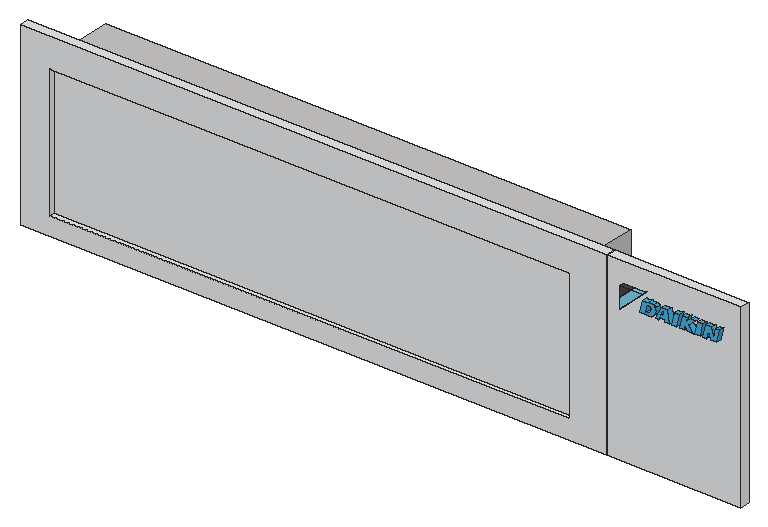
Revit family "outputfile", category 制気口, Revit 2024
Family settings
  丸型コネクタ寸法 = 直径を使用
  パーツ タイプ = 標準
  OmniClass 番号 = 23.75.70.21.27.11
  OmniClass タイトル = Diffusers, Registers, and Grilles
  作業面ベース = いいえ
  常に垂直 = はい
  ロード時にボイドで切り取り = いいえ
  注釈の向きを維持 = いいえ
  共有 = いいえ
  部屋計算ポイント = いいえ
Parameters (values of type "FPDAQ32APVM")
  Description = ""
  製造元 = "Daikin"
  書き出し IFC クラス(タイプ) = "IfcAirTerminalType"
  Default Elevation = 0 mm
  定義済み IFC タイプ(タイプ) = "GRILLE"
  Cost = 0
  モデル = "FPDAQ32APVM"
  Type Comments = ""
  Keynote = ""
  Type Image = (empty or 0)
  Assembly Code = ""
  Width = 722 mm
  Version = "ver.1.0"
  Unit Type = "3D Air Flow Ceiling Mounted Duct Type"
  Unit Designation [instance] = ""
  Uniclass2015Version = "Products v1.35"
  Uniclass2015Title = "Air grilles"
  Uniclass2015Code = "Pr_70_65_04_03"
  URL = ""
  Series = "VRV Fan Coil Unit"
  SA Duct Size Width = 456 mm
  SA Duct Size Height = 141 mm
  Material_Grille = DAIKIN_FreshWhite_Panel_indoorunit
  IfcVersion = ""
  IfcExportType = "GRILLE"
  IfcExportAs = "IfcAirTerminalType"
  Height = 180 mm
  FCU Tag No. [instance] = ""
  Design Supply Airflow [instance] = 0.00 m³/h
  Depth = 70 mm
Reference planes
  plane 1 "Center (Front/Back)": y = 0
  plane 2: z = 90
  plane 3 "Center (Left/Right)": x = 10
  plane 4: x = 371
  plane 5: x = 237
  plane 6: x = -351
  plane 7: z = -90
  plane 8: z = -90
  plane 9: z = -75
  plane 10: x = 304
  plane 11: x = -321
  plane 12 "Center (Elevation)": z = 0
  plane 13: y = -10
  plane 14: y = -5
  plane 15: y = 60
  plane 16: z = 70.5
  plane 17: x = 205
  plane 18: z = 60
  plane 19: z = -23
  plane 20: z = -70.5
  plane 21: x = 308.5
  plane 22: x = 268
  plane 23: x = -58
Forms (mm)
  Extrusion 1, solid, material "DAIKIN_FreshWhite_Panel_indoorunit" <- "Material_Grille"
    sketch origin (10, 0, 0) x (0, 1, 0) y (0, 0, 1)
      loop
        line (0, 90) -> (-10, 90) -> (-10, -90) -> (0, -90) -> (0, 90)
    from 227 to 361
  Extrusion 2, solid, material "DAIKIN_FreshWhite_Panel_indoorunit" <- "Material_Grille"
    sketch origin (10, 0, 0) x (0, 1, 0) y (0, 0, 1)
      loop
        line (-10, 90) -> (-10, -90) -> (0, -90) -> (0, 90) -> (-10, 90)
    from -361 to 227
  Extrusion 3, void
    sketch origin (0, 0, 0) x (1, 0, 0) y (0, 0, 1)
      loop
        line (-321, 61) -> (-321, -70.5) -> (200.5, -70.5) -> (200.5, 61) -> (-321, 61)
    from 10 to 5
  Extrusion 4, solid, material "DAIKIN_GalvanizedSteel_Casing_indoorunit"
    sketch origin (0, 0, 0) x (1, 0, 0) y (0, 1, 0)
      loop
        line (-321, 60) -> (-321, 0) -> (205, 0) -> (205, 60) -> (-321, 60)
    from -70.5 to 70.5
  Extrusion 5, solid, material "DAIKIN_GalvanizedSteel_Casing_indoorunit"
    sketch origin (0, 0, 0) x (1, 0, 0) y (0, 1, 0)
      loop
        line (283.049, 33) -> (269.7, 19.651) -> (269.7, 0) -> (338.3, 0) -> (338.3, 33) -> (283.049, 33)
    from -23 to 60
Cuts and joins
  Extrusion 3 cuts Extrusion 2
  Extrusion 3 cuts Extrusion 1
Dimensions and locks
  locked: plane 2 to plane 7 at 180
  locked: plane 2 to Extrusion 3 sketch curve at 29
  locked: plane 2 to plane 9 at 165
  locked: plane 4 to plane 5 at 134
  locked: plane 11 to plane 6 at 30
  locked: plane 13 to plane 1 "Center (Front/Back)" at 10
  equal spacing: plane 13, plane 14, plane 1 "Center (Front/Back)"
  plane 6 to plane 3 "Center (Left/Right)" = 361 mm
  equal spacing: plane 4, plane 10, plane 5
  locked: plane 2 to plane 16 at 19.5
  locked: plane 17 to plane 4 at 166
  equal spacing: Extrusion 5 sketch curve, plane 10, Extrusion 5 sketch curve
  locked: Extrusion 5 sketch curve to Extrusion 5 sketch curve at 68.6
  locked: plane 1 "Center (Front/Back)" to Extrusion 5 sketch curve at 33
  plane 2 to plane 18 = 30 mm  (x2)
  locked: plane 19 to plane 8 at 67
  locked: plane 20 to plane 8 at 19.5
  "Width": plane 6 to plane 4
  "Depth": plane 15 to plane 13
  "Height": plane 2 to plane 8
  locked: plane 4 to plane 21 at 62.5
  locked: plane 22 to plane 5 at 31
  equal spacing: plane 17, plane 23, plane 11
  equal spacing: plane 4, plane 3 "Center (Left/Right)", plane 6
  aligned and locked: Extrusion 1 to plane 5
  aligned and locked: plane 4 to Extrusion 1
  aligned and locked: plane 7 to Extrusion 2 sketch curve
  aligned and locked: Extrusion 2 to Extrusion 1
  aligned and locked: Extrusion 2 to plane 6
  aligned and locked: Extrusion 3 to plane 11
  aligned and locked: Extrusion 1 sketch curve to plane 2
  aligned and locked: plane 2 to Extrusion 2 sketch curve
  aligned and locked: level to plane 12 "Center (Elevation)"
  aligned and locked: Extrusion 1 sketch curve to plane 1 "Center (Front/Back)"
  aligned and locked: plane 1 "Center (Front/Back)" to Extrusion 4 sketch curve
  aligned and locked: plane 14 to Extrusion 3
  aligned and locked: plane 1 "Center (Front/Back)" to Extrusion 2 sketch curve
  aligned and locked: plane 13 to Extrusion 2 sketch curve
  aligned and locked: Extrusion 2 to Extrusion 3
  aligned and locked: plane 13 to Extrusion 1 sketch curve
  aligned and locked: plane 15 to Extrusion 4
  aligned and locked: Extrusion 4 to cut or joined group of Extrusion 2, Extrusion 3
  aligned and locked: nested 1 to plane 16
  aligned and locked: plane 10 to nested 1
  aligned and locked: nested 1 to plane 13
  aligned and locked: plane 17 to Extrusion 4
  aligned and locked: Extrusion 5 sketch curve to plane 1 "Center (Front/Back)"
  aligned and locked: plane 18 to Extrusion 5
  aligned and locked: Extrusion 5 to plane 19
  aligned and locked: Extrusion 4 to plane 20
  aligned and locked: Extrusion 3 to Extrusion 4
  aligned and locked: Extrusion 4 to plane 16
  aligned and locked: Extrusion 1 sketch curve to plane 8
Automatic sketch dimensions
  plane 6 to Extrusion 3 sketch curve = 30 mm
  Extrusion 3 sketch curve to plane 5 = 36.5 mm
  Extrusion 4 sketch curve to plane 10 = 99 mm
  Extrusion 4 sketch curve to plane 11 = 0 mm
  Extrusion 4 sketch curve to plane 1 "Center (Front/Back)" = 60 mm
  Extrusion 5 sketch curve to Extrusion 5 sketch curve = 13.349 mm  (x2)
  plane 20 to Extrusion 3 sketch curve = 0 mm
Nested families
  nested 1: "daikin_logo_elevation_w100" at (319, -10, 45.5), type "daikin_logo_elevation_w100"
    with show_logo yes
Connectors
  hvac at (-58, 60, 0), driven by "SA Duct Size Height", driven by "SA Duct Size Width", driven by "Design Supply Airflow"
    settings: on Extrusion 4, index 1, duct flow 0.00 m³/h, flow factor 0, pres drop 0.0 Pa, loss coef 0, conn angle 0.00°, conn width 456.0 mm, conn height 141.0 mm, conn diameter 609.6 mm, duct sys type 1, conn prof type 1, flow config 1, flow direction 1, loss method 4, conn ref index -1, conn util no, is conn primary yes, conn desc "SA Duct"
Definition of nested family "daikin_logo_elevation_w100"
  Parameters (values of type "daikin_logo_elevation_w100")
    width = 100 mm
    show_logo [instance] = yes
    material = none
    height = 25 mm
    depth = 5 mm
    Default Elevation = 0 mm
  Reference planes
    plane 1 "Center (Front/Back)": y = 0
    plane 2: z = 0
    plane 3 "Center (Left/Right)": x = -15
    plane 4 "left": x = -65
    plane 5 "right": x = 35
    plane 6: y = -5
    plane 7: z = 25
  Forms (mm)
    Extrusion 1, solid
      sketch origin (0, 0, 0) x (1, 0, 0) y (0, 0, 1)
        loop
          line (-65, 25) -> (-65, 14.753) -> (-53.814, 25) -> (-65, 25)
      from 0 to 5
    Extrusion 2, solid
      sketch origin (0, 0, 0) x (1, 0, 0) y (0, 0, 1)
        loop
          line (-42.019, 25) -> (-53.814, 25) -> (-65, 14.753) -> (-65, 3.87) -> (-42.019, 25)
      from 0 to 5
    Extrusion 3, solid
      sketch origin (0, 0, 0) x (1, 0, 0) y (0, 0, 1)
        loop
          line (-35.602, 20.041) -> (-41.486, 20.041) -> (-44.428, 8.274) -> (-35.602, 8.274)
          arc (-35.602, 8.274) -> (-32.105, 8.983) -> (-29.415, 11.329) r 6.978
          arc (-29.415, 11.329) -> (-28.233, 14.382) -> (-28.637, 17.63) r 6.701
          arc (-28.637, 17.63) -> (-29.469, 18.814) -> (-30.709, 19.559) r 3.49
          arc (-30.709, 19.559) -> (-33.138, 19.976) -> (-35.602, 20.041) r 17.114
        loop
          line (-38.544, 10.627) -> (-36.191, 10.627)
          arc (-36.191, 10.627) -> (-34.383, 11.838) -> (-33.335, 13.745) r 4.6
          arc (-33.335, 13.745) -> (-33.193, 15.202) -> (-33.538, 16.625) r 4.404
          arc (-33.538, 16.625) -> (-34.051, 17.128) -> (-34.72, 17.393) r 1.818
          line (-34.72, 17.393) -> (-37.073, 17.393) -> (-38.544, 10.627)
        loop
          line (-29.13, 8.274) -> (-25.894, 8.274) -> (-24.791, 10.333) -> (-20.158, 10.333) -> (-19.717, 8.274) -> (-14.422, 8.274) -> (-16.775, 20.041) -> (-22.659, 20.041) -> (-29.13, 8.274)
        loop
          line (-23.373, 12.98) -> (-20.725, 12.98) -> (-21.482, 16.511) -> (-23.373, 12.98)
        loop
          line (-10.009, 20.041) -> (-12.951, 8.274) -> (-7.95, 8.274) -> (-5.008, 20.041) -> (-10.009, 20.041)
        loop
          line (-5.008, 8.274) -> (-0.007, 8.274) -> (0.792, 11.472) -> (3.229, 8.274) -> (9.407, 8.274) -> (4.7, 14.451) -> (11.466, 20.041) -> (6.171, 20.041) -> (2.093, 16.672) -> (2.935, 20.041) -> (-2.066, 20.041) -> (-5.008, 8.274)
        loop
          line (10.583, 8.274) -> (15.879, 8.274) -> (18.82, 20.041) -> (13.819, 20.041) -> (10.583, 8.274)
        loop
          line (18.82, 8.274) -> (22.35, 8.274) -> (24.013, 14.925) -> (26.175, 8.274) -> (32.058, 8.274) -> (35, 20.041) -> (31.47, 20.041) -> (29.679, 12.878) -> (27.351, 20.041) -> (21.762, 20.041) -> (18.82, 8.274)
      from 0 to 5
  Lines and regions (mm)
    model lines
      curve 1: line (-42.019, 0, 25) -> (-52.024, 0, 25)
      curve 2: line (-52.024, 0, 25) -> (-65, 0, 13.114)
      curve 3: line (-65, 0, 13.114) -> (-65, 0, 3.87)
      curve 4: line (-65, 0, 3.87) -> (-42.019, 0, 25)
      curve 5: line (-65, 0, 14.753) -> (-65, 0, 25)
      curve 6: line (-65, 0, 25) -> (-53.814, 0, 25)
      curve 7: line (-53.814, 0, 25) -> (-65, 0, 14.753)
      curve 8: line (-20.725, 0, 12.98) -> (-23.373, 0, 12.98)
      curve 9: line (-23.373, 0, 12.98) -> (-21.482, 0, 16.511)
      curve 10: line (-21.482, 0, 16.511) -> (-20.725, 0, 12.98)
      curve 11: line (-19.717, 0, 8.274) -> (-20.158, 0, 10.333)
      curve 12: line (-20.158, 0, 10.333) -> (-24.791, 0, 10.333)
      curve 13: line (-24.791, 0, 10.333) -> (-25.894, 0, 8.274)
      curve 14: line (-25.894, 0, 8.274) -> (-29.13, 0, 8.274)
      curve 15: line (-29.13, 0, 8.274) -> (-22.659, 0, 20.041)
      curve 16: line (-22.659, 0, 20.041) -> (-16.775, 0, 20.041)
      curve 17: line (-36.191, 0, 10.627) -> (-38.544, 0, 10.627)
      curve 18: line (-38.544, 0, 10.627) -> (-37.073, 0, 17.393)
      curve 19: line (-37.073, 0, 17.393) -> (-34.72, 0, 17.393)
      curve 20: line (-5.008, 0, 20.041) -> (-10.009, 0, 20.041)
      curve 21: line (-10.009, 0, 20.041) -> (-12.951, 0, 8.274)
      curve 22: line (-12.951, 0, 8.274) -> (-7.95, 0, 8.274)
      curve 23: line (-7.95, 0, 8.274) -> (-5.008, 0, 20.041)
      curve 24: line (24.013, 0, 14.925) -> (22.35, 0, 8.274)
      curve 25: line (22.35, 0, 8.274) -> (18.82, 0, 8.274)
      curve 26: line (18.82, 0, 8.274) -> (21.762, 0, 20.041)
      curve 27: line (21.762, 0, 20.041) -> (27.351, 0, 20.041)
      curve 28: line (27.351, 0, 20.041) -> (29.679, 0, 12.878)
      curve 29: line (29.679, 0, 12.878) -> (31.47, 0, 20.041)
      curve 30: line (31.47, 0, 20.041) -> (35, 0, 20.041)
      curve 31: line (35, 0, 20.041) -> (32.058, 0, 8.274)
      curve 32: line (32.058, 0, 8.274) -> (26.175, 0, 8.274)
      curve 33: line (26.175, 0, 8.274) -> (24.013, 0, 14.925)
      curve 34: line (-16.775, 0, 20.041) -> (-14.422, 0, 8.274)
      curve 35: line (-14.422, 0, 8.274) -> (-19.717, 0, 8.274)
      curve 36: line (-35.602, 0, 20.041) -> (-41.486, 0, 20.041)
      curve 37: line (-41.486, 0, 20.041) -> (-44.428, 0, 8.274)
      curve 38: line (-44.428, 0, 8.274) -> (-35.602, 0, 8.274)
      curve 39: line (10.583, 0, 8.274) -> (15.879, 0, 8.274)
      curve 40: line (15.879, 0, 8.274) -> (18.82, 0, 20.041)
      curve 41: line (18.82, 0, 20.041) -> (13.819, 0, 20.041)
      curve 42: line (13.819, 0, 20.041) -> (10.583, 0, 8.274)
      curve 43: line (3.229, 0, 8.274) -> (0.792, 0, 11.472)
      curve 44: line (0.792, 0, 11.472) -> (-0.007, 0, 8.274)
      curve 45: line (-0.007, 0, 8.274) -> (-5.008, 0, 8.274)
      curve 46: line (-5.008, 0, 8.274) -> (-2.066, 0, 20.041)
      curve 47: line (-2.066, 0, 20.041) -> (2.935, 0, 20.041)
      curve 48: line (2.935, 0, 20.041) -> (2.093, 0, 16.672)
      curve 49: line (2.093, 0, 16.672) -> (6.171, 0, 20.041)
      curve 50: line (6.171, 0, 20.041) -> (11.466, 0, 20.041)
      curve 51: line (11.466, 0, 20.041) -> (4.7, 0, 14.451)
      curve 52: line (4.7, 0, 14.451) -> (9.407, 0, 8.274)
      curve 53: line (9.407, 0, 8.274) -> (3.229, 0, 8.274)
      curve 54: arc (-36.191, 0, 10.627) -> (-34.383, 0, 11.838) -> (-33.335, 0, 13.745) r 4.6
      curve 55: arc (-33.335, 0, 13.745) -> (-33.193, 0, 15.202) -> (-33.538, 0, 16.625) r 4.404
      curve 56: arc (-33.538, 0, 16.625) -> (-34.051, 0, 17.128) -> (-34.72, 0, 17.393) r 1.818
      curve 57: arc (-35.602, 0, 8.274) -> (-32.105, 0, 8.983) -> (-29.415, 0, 11.329) r 6.978
      curve 58: arc (-29.415, 0, 11.329) -> (-28.233, 0, 14.382) -> (-28.637, 0, 17.63) r 6.701
      curve 59: arc (-28.637, 0, 17.63) -> (-29.469, 0, 18.814) -> (-30.709, 0, 19.559) r 3.49
      curve 60: arc (-30.709, 0, 19.559) -> (-33.138, 0, 19.976) -> (-35.602, 0, 20.041) r 17.114
  Dimensions and locks
    "width": plane 4 "left" to plane 5 "right"
    "depth": plane 6 to plane 1 "Center (Front/Back)"
    equal spacing: plane 4 "left", plane 3 "Center (Left/Right)", plane 5 "right"
    "height": plane 7 to plane 2
    aligned and locked: level to plane 2
    aligned and locked: Extrusion 1 sketch curve to plane 4 "left"
    aligned and locked: Extrusion 1 sketch curve to plane 7
    aligned and locked: plane 7 to Extrusion 2 sketch curve
    aligned and locked: plane 4 "left" to Extrusion 2 sketch curve
    aligned and locked: Extrusion 3 to plane 6
    aligned and locked: Extrusion 1 to plane 6
    aligned and locked: Extrusion 2 to plane 6
  Automatic sketch dimensions
    plane 4 "left" to curve 5 = 0 mm
    plane 4 "left" to curve 2 = 0 mm
    curve 30 to plane 5 "right" = 0 mm
    curve 5 to curve 6 = 11.186 mm
    curve 6 to curve 2 = 1.79 mm
    curve 2 to curve 37 = 7.597 mm
    curve 2 to curve 1 = 10.005 mm
    curve 1 to curve 37 = 0.534 mm
    curve 37 to curve 18 = 5.884 mm
    curve 17 to curve 54 = 0.769 mm
    curve 54 to curve 55 = 0.188 mm
    curve 54 to curve 19 = 0.702 mm
    curve 17 to curve 17 = 2.353 mm
    curve 18 to curve 36 = 1.471 mm
    curve 17 to curve 38 = 0.588 mm
    curve 55 to curve 57 = 2.392 mm
    curve 57 to curve 56 = 0.152 mm
    curve 57 to curve 58 = 0.311 mm
    curve 57 to curve 60 = 0.787 mm
    curve 56 to curve 19 = 0.322 mm
    curve 19 to curve 59 = 2.873 mm
    curve 57 to curve 15 = 6.472 mm
    curve 14 to curve 13 = 3.236 mm
    curve 13 to curve 13 = 1.103 mm
    curve 12 to curve 8 = 1.418 mm
    curve 8 to curve 16 = 0.714 mm
    curve 15 to curve 10 = 1.177 mm
    curve 8 to curve 10 = 2.648 mm
    curve 8 to curve 12 = 0.567 mm
    curve 11 to curve 35 = 0.441 mm
    curve 16 to plane 3 "Center (Left/Right)" = 1.775 mm
    plane 3 "Center (Left/Right)" to curve 35 = 0.578 mm
    curve 34 to curve 21 = 1.471 mm
    plane 3 "Center (Left/Right)" to curve 21 = 4.991 mm
    curve 21 to curve 23 = 5.001 mm
    curve 20 to curve 23 = 5.001 mm
    curve 22 to curve 45 = 2.942 mm
    curve 20 to curve 47 = 2.942 mm
    curve 45 to curve 44 = 5.001 mm
    curve 44 to curve 44 = 0.799 mm
    curve 46 to curve 49 = 4.159 mm
    curve 49 to curve 48 = 0.842 mm
    curve 44 to curve 53 = 3.236 mm
    curve 48 to curve 52 = 2.607 mm
    curve 47 to curve 49 = 3.236 mm
    curve 43 to curve 53 = 6.178 mm
    curve 52 to curve 39 = 1.177 mm
    curve 49 to curve 51 = 5.295 mm
    curve 50 to curve 41 = 2.353 mm
    curve 39 to curve 39 = 5.295 mm
    curve 41 to curve 40 = 5.001 mm
    curve 39 to curve 25 = 2.942 mm
    curve 40 to curve 26 = 2.942 mm
    curve 25 to curve 24 = 3.53 mm
    curve 26 to curve 33 = 2.251 mm
    curve 24 to curve 33 = 3.824 mm
    curve 26 to curve 27 = 5.589 mm
    curve 29 to plane 5 "right" = 5.321 mm
    curve 29 to curve 30 = 3.53 mm
    curve 31 to plane 5 "right" = 2.942 mm
    curve 60 to plane 7 = 22.055 mm
    curve 60 to curve 3 = 0.925 mm
    curve 60 to curve 37 = 5.329 mm
    curve 60 to curve 34 = 5.329 mm
    curve 32 to curve 34 = 0 mm
    curve 39 to curve 32 = 0 mm
    curve 43 to curve 39 = 0 mm
    curve 26 to curve 39 = 0 mm
    curve 23 to curve 34 = 0 mm
    curve 13 to curve 11 = 0 mm
    curve 44 to curve 43 = 0 mm
    curve 11 to curve 11 = 2.059 mm
    curve 38 to curve 17 = 2.353 mm
    curve 44 to curve 43 = 3.198 mm
    curve 31 to curve 29 = 4.604 mm
    curve 12 to curve 8 = 2.648 mm
    curve 4 to curve 2 = 9.244 mm
    curve 43 to curve 51 = 2.98 mm
    curve 2 to curve 5 = 1.639 mm
    curve 17 to curve 55 = 4.265 mm
    curve 28 to curve 24 = 2.046 mm
    curve 55 to curve 54 = 0.053 mm
    curve 55 to curve 58 = 0.311 mm
    curve 58 to curve 57 = 0.037 mm
    curve 57 to curve 56 = 0.364 mm
    curve 58 to curve 59 = 1.057 mm
    curve 8 to curve 9 = 3.53 mm
    curve 51 to curve 48 = 2.22 mm
    curve 54 to curve 18 = 2.447 mm
    curve 22 to curve 21 = 11.767 mm
    curve 46 to curve 20 = 0 mm
    curve 24 to curve 26 = 5.116 mm
    curve 49 to curve 47 = 0 mm
    curve 42 to curve 50 = 0 mm
    curve 9 to curve 16 = 3.53 mm
    curve 29 to curve 27 = 0 mm
    curve 18 to curve 37 = 2.648 mm
    curve 36 to curve 6 = 4.959 mm
    curve 36 to curve 4 = 4.959 mm
    curve 19 to curve 55 = 1.182 mm
    curve 59 to curve 60 = 1.138 mm
    curve 58 to curve 14 = 0.285 mm
    Extrusion 1 sketch curve to plane 4 "left" = 11.186 mm
    Extrusion 1 sketch curve to plane 7 = 10.247 mm
    Extrusion 2 sketch curve to plane 4 "left" = 22.981 mm
    Extrusion 2 sketch curve to plane 7 = 10.247 mm
    level to Extrusion 2 sketch curve = 3.87 mm
    Extrusion 2 sketch curve to plane 4 "left" = 11.186 mm
    Extrusion 3 sketch curve to plane 7 = 4.959 mm  (x5)
    Extrusion 3 sketch curve to plane 3 "Center (Left/Right)" = 20.602 mm
    level to Extrusion 3 sketch curve = 2.945 mm
    Extrusion 3 sketch curve to Extrusion 3 sketch curve = 0.787 mm  (x2)
    Extrusion 3 sketch curve to Extrusion 3 sketch curve = 5.884 mm
    Extrusion 3 sketch curve to Extrusion 3 sketch curve = 4.894 mm
    Extrusion 3 sketch curve to Extrusion 3 sketch curve = 1.138 mm
    Extrusion 3 sketch curve to Extrusion 3 sketch curve = 3.299 mm
    Extrusion 3 sketch curve to Extrusion 3 sketch curve = 2.072 mm
    Extrusion 3 sketch curve to Extrusion 3 sketch curve = 3.036 mm
    Extrusion 3 sketch curve to Extrusion 3 sketch curve = 1.057 mm
    Extrusion 3 sketch curve to Extrusion 3 sketch curve = 2.432 mm
    Extrusion 3 sketch curve to Extrusion 3 sketch curve = 0.311 mm
    Extrusion 3 sketch curve to Extrusion 3 sketch curve = 0.037 mm
    Extrusion 3 sketch curve to Extrusion 3 sketch curve = 8.825 mm
    Extrusion 3 sketch curve to plane 7 = 7.607 mm
    Extrusion 3 sketch curve to Extrusion 3 sketch curve = 1.879 mm
    Extrusion 3 sketch curve to Extrusion 3 sketch curve = 2.942 mm  (x5)
    Extrusion 3 sketch curve to Extrusion 3 sketch curve = 0.163 mm
    Extrusion 3 sketch curve to Extrusion 3 sketch curve = 0.152 mm
    Extrusion 3 sketch curve to Extrusion 3 sketch curve = 0.364 mm
    Extrusion 3 sketch curve to Extrusion 3 sketch curve = 1.182 mm
    Extrusion 3 sketch curve to Extrusion 3 sketch curve = 2.392 mm
    Extrusion 3 sketch curve to Extrusion 3 sketch curve = 0.348 mm
    Extrusion 3 sketch curve to Extrusion 3 sketch curve = 1.548 mm
    Extrusion 3 sketch curve to Extrusion 3 sketch curve = 0.188 mm
    Extrusion 3 sketch curve to Extrusion 3 sketch curve = 0.053 mm
    Extrusion 3 sketch curve to Extrusion 3 sketch curve = 2.353 mm  (x2)
    Extrusion 3 sketch curve to Extrusion 3 sketch curve = 5.979 mm
    Extrusion 3 sketch curve to Extrusion 3 sketch curve = 0.285 mm
    Extrusion 3 sketch curve to plane 3 "Center (Left/Right)" = 1.775 mm
    Extrusion 3 sketch curve to Extrusion 3 sketch curve = 3.056 mm
    plane 3 "Center (Left/Right)" to Extrusion 3 sketch curve = 0.578 mm
    Extrusion 3 sketch curve to plane 3 "Center (Left/Right)" = 4.717 mm
    Extrusion 3 sketch curve to Extrusion 3 sketch curve = 0.441 mm
    Extrusion 3 sketch curve to Extrusion 3 sketch curve = 2.059 mm  (x2)
    Extrusion 3 sketch curve to Extrusion 3 sketch curve = 4.633 mm
    Extrusion 3 sketch curve to Extrusion 3 sketch curve = 1.103 mm
    Extrusion 3 sketch curve to Extrusion 3 sketch curve = 1.177 mm  (x2)
    Extrusion 3 sketch curve to Extrusion 3 sketch curve = 3.53 mm  (x2)
    Extrusion 3 sketch curve to Extrusion 3 sketch curve = 1.418 mm
    Extrusion 3 sketch curve to Extrusion 3 sketch curve = 2.648 mm  (x2)
    plane 3 "Center (Left/Right)" to Extrusion 3 sketch curve = 4.991 mm
    Extrusion 3 sketch curve to Extrusion 3 sketch curve = 1.471 mm
    Extrusion 3 sketch curve to Extrusion 3 sketch curve = 5.001 mm  (x4)
    Extrusion 3 sketch curve to Extrusion 3 sketch curve = 0 mm  (x8)
    Extrusion 3 sketch curve to plane 7 = 8.328 mm
    Extrusion 3 sketch curve to Extrusion 3 sketch curve = 0.842 mm
    Extrusion 3 sketch curve to Extrusion 3 sketch curve = 3.236 mm  (x2)
    Extrusion 3 sketch curve to Extrusion 3 sketch curve = 5.295 mm  (x2)
    Extrusion 3 sketch curve to Extrusion 3 sketch curve = 2.607 mm
    Extrusion 3 sketch curve to Extrusion 3 sketch curve = 2.22 mm
    Extrusion 3 sketch curve to Extrusion 3 sketch curve = 4.707 mm
    Extrusion 3 sketch curve to Extrusion 3 sketch curve = 6.178 mm
    Extrusion 3 sketch curve to Extrusion 3 sketch curve = 2.436 mm
    Extrusion 3 sketch curve to Extrusion 3 sketch curve = 3.198 mm
    Extrusion 3 sketch curve to Extrusion 3 sketch curve = 5.589 mm
    Extrusion 3 sketch curve to plane 5 "right" = 5.321 mm
    Extrusion 3 sketch curve to Extrusion 3 sketch curve = 7.163 mm
    Extrusion 3 sketch curve to plane 5 "right" = 3.53 mm
    Extrusion 3 sketch curve to plane 5 "right" = 0 mm
    Extrusion 3 sketch curve to plane 5 "right" = 2.942 mm
    Extrusion 3 sketch curve to Extrusion 3 sketch curve = 4.604 mm
    Extrusion 3 sketch curve to Extrusion 3 sketch curve = 3.504 mm
    Extrusion 3 sketch curve to Extrusion 3 sketch curve = 2.251 mm
    Extrusion 3 sketch curve to Extrusion 3 sketch curve = 5.116 mm
